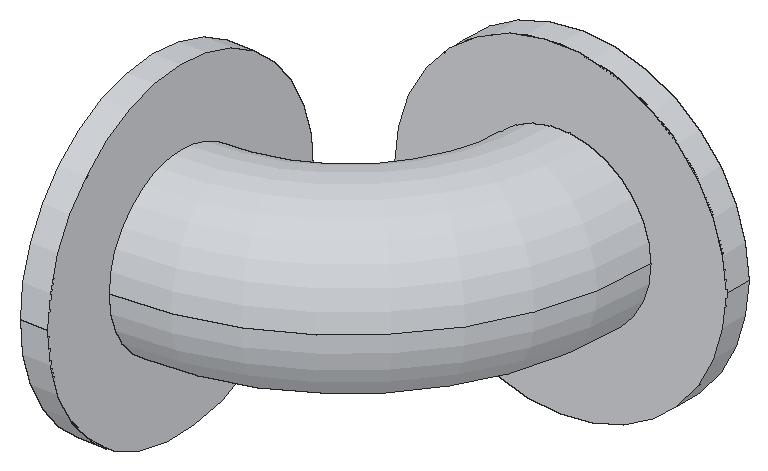
Revit family "M_Cotovelo - Flange - GI - Classe 25", category Conexões de tubo, Revit 2019
Family settings
  Cota do conector redondo = Usar raio
  Tipo de parte = Cotovelo
  Número OmniClass = 23.60.30.11.14
  Título OmniClass = Pipework Fittings
  ID de item do Seek = Elbow - Flanged - GI - Class 25-0000-CAN-ENU
  Com base no plano de trabalho = Não
  Sempre na vertical = Sim
  Corte com vazios quando carregada = Não
  Compartilhado = Não
Parameters (values of type "Padrão")
  Espessura da parede [instance] = size_lookup(Nome da tabela de pesquisa, "WThk", 0.02 * Diâmetro nominal + 8.334 mm, Diâmetro nominal)  # 11 mm
  Tamanho da marca de revisão [instance] = Diâmetro da flange * 0.4  # 91.6 mm
  Método de perda = Coeficiente K da tabela
  Nome da tabela de pesquisa = "M_Elbow - Flanged - GI - Class 25"
  Comprimento 3 [instance] = Centro à face * sin(Ângulo)  # 165 mm
  Comprimento 2 [instance] = Centro à face * cos(Ângulo) + Centro à face  # 165 mm
  Tabela de coeficiente K = "Cotovelo regular flangeado 90 e 180"
  Raio externo da conexão [instance] = Diâmetro externo da conexão / 2  # 62 mm
  Diâmetro externo da conexão [instance] = Diâmetro interno da conexão + Espessura da parede * 2  # 124 mm
  Comprimento 1 [instance] = (Raio externo da conexão + 0.794 mm) * tan(Ângulo / 2) + Espessura do flange  # 81.794 mm
  Raio nominal [instance] = 50 mm
  Diâmetro nominal [instance] = Raio nominal * 2  # 100 mm
  Diâmetro interno da conexão [instance] = size_lookup(Nome da tabela de pesquisa, "FID", 1.02 * Diâmetro nominal - 0 mm, Diâmetro nominal)  # 102 mm
  Centro à face 1 [instance] = size_lookup(Nome da tabela de pesquisa, "CtF1", 0.67 * Diâmetro nominal + 110.43 mm, Diâmetro nominal)  # 165 mm
  Centro à face 2 [instance] = size_lookup(Nome da tabela de pesquisa, "CtF2", 0.48 * Diâmetro nominal + 31.254 mm, Diâmetro nominal)  # 102 mm
  Centro à face [instance] = if(and(Ângulo > 0.00°, (not(Ângulo > 45.00°))), if(Centro à face 2 > Raio externo da conexão * tan(Ângulo / 2) + Espessura do flange, Centro à face 2, Comprimento 1), if(Centro à face 1 > Raio externo da conexão * tan(Ângulo / 2) + Espessura do flange, Centro à face 1, Comprimento 1))  # 165 mm
  Raio do centro [instance] = (Centro à face - Espessura do flange) / tan(Ângulo / 2)  # 146 mm
  Espessura do flange [instance] = size_lookup(Nome da tabela de pesquisa, "FThk", 0.03 * Diâmetro nominal + 16.768 mm, Diâmetro nominal)  # 19 mm
  Raio da flange [instance] = Diâmetro da flange / 2  # 114.5 mm
  Diâmetro da flange [instance] = size_lookup(Nome da tabela de pesquisa, "FDia", 1.16 * Diâmetro nominal + 119.062 mm, Diâmetro nominal)  # 229 mm
  Assembly Code = ""
  Ângulo [instance] = 90.00°
Reference planes
  plane 1 "Centro (Frente/Trás)": y = 0
  plane 2: z = 0
  plane 3 "Centro (Esquerda/Direita)": x = 0
  plane 4: x = -146
  plane 5: x = -165
  plane 6: y = 146
  plane 7: y = 91.6
  plane 8: y = -91.6
  plane 9: y = 165
  plane 10: x = 0
Forms (mm)
  Sweep 1, solid, detail levels fine
    path in 3D
      loop
        arc (-146, 0, 0) -> (-42.762, 42.762, 0) -> (0, 146, 0) r 146
    profile origin (-42.762, 42.762, 0) x (-0.707107, 0.707107, 0) y (0, 0, 1)
      loop
        circle (0, 0) r 62
  Sweep 2, solid, detail levels fine
    path in 3D
      loop
        line (-165, 0, 0) -> (-146, 0, 0)
    profile origin (-155.5, 0, 0) x (0, 1, 0) y (0, 0, 1)
      loop
        circle (0, 0) r 114.5
  Sweep 3, solid, detail levels fine
    path in 3D
      loop
        line (0, 146, 0) -> (0, 165, 0)
    profile origin (0, 155.5, 0) x (-1, 0, 0) y (0, 0, 1)
      loop
        circle (0, 0) r 114.5
Cuts and joins
  joined: Sweep 1, Sweep 2, Sweep 3
Lines and regions (mm)
  model lines, detail levels coarse+medium
    curve 1: line (-165, 0, 0) -> (-146, 0, 0)
    curve 2: arc (-146, 0, 0) -> (-42.762, 42.762, 0) -> (0, 146, 0) r 146
    curve 3: line (0, 146, 0) -> (0, 165, 0)
    curve 8: line (-165, 0, 0) -> (-165, 91.6, 0)
    curve 9: line (-165, 0, 0) -> (-165, -91.6, 0)
    curve 10: line (0, 165, 0) -> (-91.6, 165, 0)
    curve 11: line (0, 165, 0) -> (91.6, 165, 0)
  sketch lines
    curve 4: arc (-146, 0, 0) -> (-42.762, 42.762, 0) -> (0, 146, 0) r 146
    curve 5: line (-165, 0, 0) -> (-146, 0, 0)
    curve 6: line (0, 146, 0) -> (0, 165, 0)
  reference lines
    curve 7: line (-165, 0, 0) -> (-146, 0, 0)
    curve 12: line (0, 165, 0) -> (0, 146, 0)
Dimensions and locks
  "Raio do centro": plane 6 to plane 1 "Centro (Frente/Trás)"
  "Espessura do flange": plane 5 to plane 4
  "Tamanho da marca de revisão": plane 7 to plane 1 "Centro (Frente/Trás)"
  "Tamanho da marca de revisão": plane 8 to plane 1 "Centro (Frente/Trás)"
  "Espessura do flange": curve 3 to curve 3
  "Tamanho da marca de revisão": curve 10 to curve 10
  "Tamanho da marca de revisão": curve 11 to curve 11
  "Centro à face": plane 5 to plane 3 "Centro (Esquerda/Direita)"
  "Comprimento 2": plane 5 to plane 10
  "Comprimento 3": plane 9 to plane 1 "Centro (Frente/Trás)"
  "Raio do centro": radius of curve 2
  "Raio externo da conexão": radius of Sweep 1 sketch curve
  "Raio da flange": radius of Sweep 2 sketch curve
  "Raio da flange": radius of Sweep 3 sketch curve
  "Ângulo": angle curve 2 to curve 2
  "Ângulo": angle plane 1 "Centro (Frente/Trás)" to curve 3
  locked: curve 11 to curve 3 (angle 90.00°)
  locked: curve 3 to curve 10 (angle 90.00°)
  "Ângulo": angle plane 9 to curve 12
  aligned and locked: plane 4 to curve 2
  aligned and locked: plane 5 to curve 7
  aligned and locked: plane 1 "Centro (Frente/Trás)" to curve 7
  aligned and locked: plane 7 to curve 8
  aligned and locked: plane 1 "Centro (Frente/Trás)" to curve 9
  aligned and locked: plane 8 to curve 9
  aligned and locked: curve 9 to plane 5
  aligned and locked: plane 10 to curve 12
  aligned and locked: plane 9 to curve 12
Automatic sketch dimensions
  Sweep 1 sketch curve to profile plane = 0 mm  (x2)
  Sweep 2 sketch curve to profile plane = 0 mm  (x2)
  Sweep 3 sketch curve to profile plane = 0 mm  (x2)
  curve 7 to plane 4 = 0 mm
Connectors
  piping at (-165, 0, 0), diameter 100, driven by "Ângulo", driven by "Raio nominal"
    settings: on cut or joined group of Sweep 1, Sweep 2, Sweep 3, index 1, connector inside diameter 100 mm, connector length 0 mm, flow factor 0, pipe flow 0.0 L/s, pressure drop 0.0 Pa, fitting loss kfactor 0, connector angle 90.00°, fixture units 0, engagement length 0 mm, angle of deflection 0.00°, flow configuration 0, flow direction 0, fitting loss method 0, system type 28, joint type 0, gender type 0, connector reference index 2, connector utility 0, adjustable connector no, is connector primary yes, connector description ""
  piping at (0, 165, 0), diameter 100, driven by "Ângulo", driven by "Raio nominal"
    settings: on cut or joined group of Sweep 1, Sweep 2, Sweep 3, index 2, connector inside diameter 100 mm, connector length 0 mm, flow factor 0, pipe flow 0.0 L/s, pressure drop 0.0 Pa, fitting loss kfactor 0, connector angle 90.00°, fixture units 0, engagement length 0 mm, angle of deflection 0.00°, flow configuration 0, flow direction 0, fitting loss method 0, system type 28, joint type 0, gender type 0, connector reference index 1, connector utility 0, adjustable connector no, is connector primary no, connector description ""
